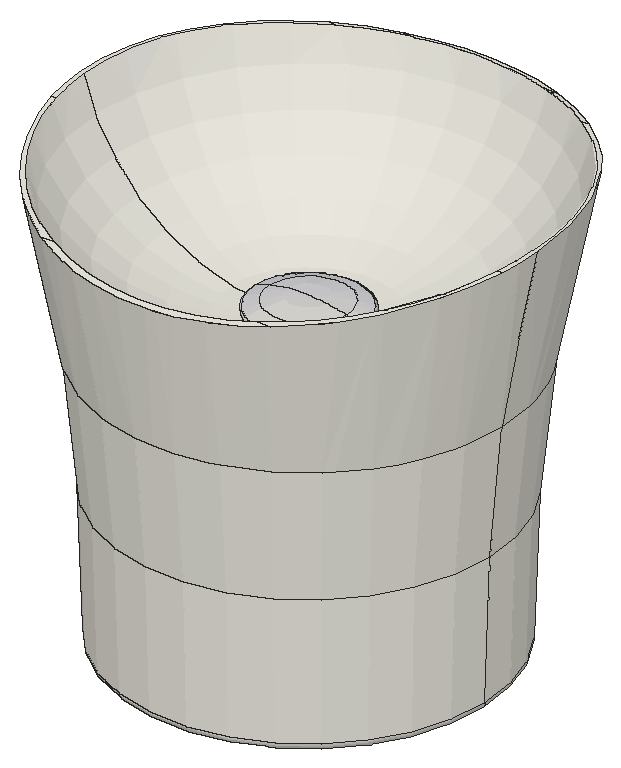
Revit family "Sink-Vessel-Lavatory-KOHLER-Veil_Tall-K-20703-1", category Plumbing Fixtures, host Face, Revit 2021
Family settings
  Host = Face
  Round Connector Dimension = Use Diameter
  Part Type = Normal
  OmniClass Number = 23.31.13.00
  OmniClass Title = Sinks
  Cut with Voids When Loaded = No
  Shared = No
  Room Calculation Point = No
Parameters (values of type "Without Overflow Drain, 96-Biscuit")
  Without Overflow Drain = or(Type = 5, Type = 6, Type = 7)  # yes
  With Overflow Drain = or(Type = 1, Type = 2, Type = 3)  # no
  Width = 15 63/64"  # constant formula
  WaterSense Certified = 1 = 0  # no
  Waste Water Outlet = "Waste Water Outlet"  # constant formula
  Waste Connection = 1 = 1  # yes
  Vent Connection = 1 = 0  # no
  URL = "https://www.us.kohler.com/us/"
  Type = 6
  Product Page URL = "http://www.us.kohler.com/us/catalog/productDetails.jsp?productNumber=20703-N"
  Product Name = "Veil Tall\r\n"  # constant formula
  Product Documentation Link = "https://www.us.kohler.com/webassets/kpna/catalog/pdf/en/K-20703-N_spec_US-CA_Kohler_en.pdf"
  Model = if(Type = 1, "K-20703-0", if(Type = 2, "K-20703-7", if(Type = 3, "K-20703-96", if(Type = 4, "K-20703-N-0", if(Type = 5, "K-20703-N-7", if(Type = 6, "K-20703-N-96", "NA"))))))  # "K-20703-N-96"
  Material = "Fireclay"  # constant formula
  Master Format 2014 Name = "Residential Lavatories and Sinks"  # constant formula
  Master Format 2014 = "22 41 16"  # constant formula
  Manufacturer Address = "444 Highland Dr, Kohler, WI 53044"  # constant formula
  Manufacturer = "Kohler Co."  # constant formula
  Length = 15 63/64"  # constant formula
  Hot Water Inlet = "Hot Water Inlet"  # constant formula
  Height = 15 1/16"  # constant formula
  HW Connection = 1 = 0  # no
  Finish = KOHLER-Fireclay-96-Biscuit
  Environmental Product Declaration = ""
  Drain Included = 1 = 0  # no
  Description = if(or(Type = 1, Type = 2, Type = 3), "16 Inch Round Vessel Bathroom Sink Or Pedestal Sink Basin", if(or(Type = 4, Type = 5, Type = 6), "Pedestal Bathroom Sink Without Overflow", "NA"))  # "Pedestal Bathroom Sink Without Overflow"
  Default Elevation = 36"
  Declare Label = ""
  Date Modified = "09/12/2024"  # constant formula
  Date Created = "10/13/2020"  # constant formula
  Copyright = "Copyright Kohler Co."  # constant formula
  Contact Us = "https://www.us.kohler.com/us/static/contact.jsp"
  Cold Water Inlet = "Cold Water Inlet"  # constant formula
  CW Connection = 1 = 0  # no
  Assembly Code = "D2010400"
  ADA Compliant = 1 = 0  # no
Types (7): name | Without Overflow Drain | With Overflow Drain | Type | Product Page URL | Product Documentation Link | Model | Finish | Description
  (no name) | yes | no | 6 | "http://www.us.kohler.com/us/catalog/productDetails.jsp?productNumber=20703-N" | "https://www.us.kohler.com/webassets/kpna/catalog/pdf/en/K-20703-N_spec_US-CA_Kohler_en.pdf" | "K-20703-N-96" | KOHLER-Fireclay-96-Biscuit | "Pedestal Bathroom Sink Without Overflow"
  With Overflow Drain, 0-White | no | yes | 1 | "http://www.us.kohler.com/us/catalog/productDetails.jsp?productNumber=20703" | "https://www.us.kohler.com/webassets/kpna/catalog/pdf/en/K-20703_spec_US-CA_Kohler_en.pdf" | "K-20703-0" | KOHLER-Fireclay-0-White | "16 Inch Round Vessel Bathroom Sink Or Pedestal Sink Basin"
  With Overflow Drain, 96-Biscuit | no | yes | 3 | "http://www.us.kohler.com/us/catalog/productDetails.jsp?productNumber=20703" | "https://www.us.kohler.com/webassets/kpna/catalog/pdf/en/K-20703_spec_US-CA_Kohler_en.pdf" | "K-20703-96" | KOHLER-Fireclay-96-Biscuit | "16 Inch Round Vessel Bathroom Sink Or Pedestal Sink Basin"
  With Overflow Drain, 7-Black Black | no | yes | 2 | "http://www.us.kohler.com/us/catalog/productDetails.jsp?productNumber=20703" | "https://www.us.kohler.com/webassets/kpna/catalog/pdf/en/K-20703_spec_US-CA_Kohler_en.pdf" | "K-20703-7" | KOHLER-Fireclay-7-Black_Black | "16 Inch Round Vessel Bathroom Sink Or Pedestal Sink Basin"
  Without Overflow Drain, 0-White | no | no | 4 | "http://www.us.kohler.com/us/catalog/productDetails.jsp?productNumber=20703-N" | "https://www.us.kohler.com/webassets/kpna/catalog/pdf/en/K-20703-N_spec_US-CA_Kohler_en.pdf" | "K-20703-N-0" | KOHLER-Fireclay-0-White | "Pedestal Bathroom Sink Without Overflow"
  Without Overflow Drain, 96-Biscuit | yes | no | 6 | "http://www.us.kohler.com/us/catalog/productDetails.jsp?productNumber=20703-N" | "https://www.us.kohler.com/webassets/kpna/catalog/pdf/en/K-20703-N_spec_US-CA_Kohler_en.pdf" | "K-20703-N-96" | KOHLER-Fireclay-96-Biscuit | "Pedestal Bathroom Sink Without Overflow"
  Without Overflow Drain, 7-Black Black | yes | no | 5 | "http://www.us.kohler.com/us/catalog/productDetails.jsp?productNumber=20703-N" | "https://www.us.kohler.com/webassets/kpna/catalog/pdf/en/K-20703-N_spec_US-CA_Kohler_en.pdf" | "K-20703-N-7" | KOHLER-Fireclay-7-Black_Black | "Pedestal Bathroom Sink Without Overflow"
Reference planes (in)
  plane 1 "Center (Front/Back)": y = 0
  plane 2: z = 0
  plane 3 "Center (Left/Right)": x = 0
  plane 4: x = 7.99213
  plane 5: y = -7.99213
  plane 6: x = -7.99225
  plane 7: y = 7.99225
  plane 8: z = 15.0625
  plane 9: y = -6.12205
  plane 10: y = 6.12205
  plane 11: x = -6.13659
  plane 12: x = 6.13659
Dimensions and locks (in)
  "Width": plane 6 to plane 4
  "Length": plane 5 to plane 7
  "Height": plane 8 to level
  plane 10 to plane 9 = 12.24409"
  aligned and locked: plane 2 to host face
  aligned and locked: level to host face
Automatic sketch dimensions
  host sketch curve to host sketch curve = 96"  (x2)
Nested families (in)
  nested 1: "K-20703" at (0, 0, 0), type "K-20703"
Connectors (in)
  piping at (0, 0, -0.00101), diameter 1.25984, driven by "Waste Connection", driven by "Waste Water Outlet"
    settings: on nested 1, index 1, connector inside diameter 24", connector length 0", flow factor 0, pipe flow 0 GPM, pressure drop 0.00 psi, fitting loss kfactor 0, connector angle 0.00°, fixture units 0, engagement length 0", angle of deflection 0.00°, flow configuration 0, flow direction 2, fitting loss method 0, system type 16, joint type 0, gender type 0, connector reference index -1, connector utility 1, adjustable connector no, is connector primary yes, connector description "Waste Water Outlet"
Definition of nested family "K-20703"
  Parameters (values of type "K-20703")
    Material = none
    Default Elevation = 0"
    -N = no
    - 0 = yes
  Reference planes (in)
    plane 1 "Center (Front/Back)": y = 0
    plane 2: z = 0
    plane 3 "Center (Left/Right)": x = 0
    plane 4: x = 7.99213
    plane 5: x = -7.99213
    plane 6: y = 7.99213
    plane 7: z = 15.0625
    plane 8: y = -6.12205
    plane 9: y = 6.12205
    plane 10: z = 11.71875
    plane 11: y = -7.99213
  Forms (in)
    Revolve 1, solid, material <- "Material", detail levels medium+fine
      sketch origin (0, 0, 0) x (1, 0, 0) y (0, 0, 1)
        loop
          line (0, 9.59381) -> (0, 10.01215) -> (-1.42984, 10.01215)
          arc (-1.42984, 10.01215) -> (-5.4983, 11.41062) -> (-7.84713, 15.01493) r 6.61726
          arc (-7.84713, 15.01493) -> (-7.92353, 15.06076) -> (-7.96958, 14.98448) r 0.06309
          arc (-7.96958, 14.98448) -> (-7.29432, 12.01174) -> (-6.72409, 9.01708) r 86.61718
          arc (-6.72409, 9.01708) -> (-6.43407, 6.92544) -> (-6.28176, 4.81928) r 32.20426
          arc (-6.28176, 4.81928) -> (-6.19763, 2.53075) -> (-6.12564, 0.2418) r 431.52253
          arc (-6.12564, 0.2418) -> (-6.04996, 0.06969) -> (-5.87575, -0.00101) r 0.25
          line (-5.87575, -0.00101) -> (-5.66166, -0.00101)
          arc (-5.66166, -0.00101) -> (-5.5905, 0.05084) -> (-5.56519, 0.13516) r 0.13795
          arc (-5.56519, 0.13516) -> (-5.6681, 2.65671) -> (-5.8095, 5.17641) r 165.26304
          arc (-5.8095, 5.17641) -> (-6.13956, 8.41196) -> (-6.71412, 11.61315) r 42.84248
          arc (-6.71412, 11.61315) -> (-4.38798, 10.11741) -> (-1.67247, 9.59381) r 7.30338
          line (-1.67247, 9.59381) -> (0, 9.59381)
        axis (0, 15.01493) -> (0, -0.00101)
      angle from 0 to 360
    Revolve 2, solid, detail levels medium+fine
      sketch origin (0, 0, 0) x (1, 0, 0) y (0, 0, 1)
        loop
          line (-0.53267, 10.27793) -> (-0.53267, 9.84825) -> (0, 9.84825) -> (0, 10.77793)
          arc (0, 10.77793) -> (-0.67225, 10.74113) -> (-1.33343, 10.61421) r 4.99243
          arc (-1.33343, 10.61421) -> (-1.58353, 10.53791) -> (-1.82693, 10.44235) r 3.35416
          arc (-1.82693, 10.44235) -> (-1.87535, 10.3402) -> (-1.781, 10.27793) r 0.08621
          line (-1.781, 10.27793) -> (-0.53267, 10.27793)
        axis (0, 10.77793) -> (0, 9.84825)
      angle from 0 to 360
    Extrusion 3, void
      sketch origin (0, 0, 0) x (0, 1, 0) y (0, 0, 1)
        loop
          arc (6.50944, 14.8125) -> (6.97727, 14.77326) -> (7.44502, 14.73303) r 219.61973
          arc (7.44502, 14.73303) -> (8.01501, 14.66553) -> (8.57973, 14.56287) r 9.26318
          line (8.57973, 14.56287) -> (8.57973, 18.00139) -> (-8.38761, 18.00139) -> (-8.38761, 13.75139)
          arc (-8.38761, 13.75139) -> (-7.51999, 13.93569) -> (-6.64938, 14.10531) r 52.51991
          arc (-6.64938, 14.10531) -> (-4.02115, 14.52575) -> (-1.375, 14.8125) r 52.51991
          arc (-1.375, 14.8125) -> (2.56722, 14.97541) -> (6.50944, 14.8125) r 47.77972
      from -9.33213 to 9.14217
    Revolve 4, solid, visible <- "- 0", detail levels medium+fine
      sketch origin (0, 0, 0) x (0, 1, 0) y (0, 0, 1)
        loop
          arc (5.63463, 11.94821) -> (5.448, 11.71164) -> (5.33644, 11.43173) r 1.04737
          arc (5.33644, 11.43173) -> (5.3449, 11.36175) -> (5.39695, 11.31423) r 0.10132
          line (5.39695, 11.31423) -> (5.65601, 11.57328) -> (5.76721, 11.46208) -> (5.94399, 11.63885) -> (5.63463, 11.94821)
        axis (5.63463, 11.94821) -> (5.94399, 11.63885)
      angle from 0 to 360
    Extrusion 5, solid, material <- "Material", detail levels medium+fine
      sketch origin (0, 0, 0) x (1, 0, 0) y (0, 1, 0)
        loop
          circle (0, 0) r 0.125
      from -0.00101 to 0.11278
    Revolve 6, solid, material <- "Material", detail levels coarse
      sketch origin (0, 0, 0) x (1, 0, 0) y (0, 0, 1)
        loop
          line (0.125, -0.00101) -> (0.125, 10.02051) -> (-1.53012, 10.02051)
          arc (-1.53012, 10.02051) -> (-2.86759, 10.16696) -> (-4.14167, 10.59937) r 6.18051
          arc (-4.14167, 10.59937) -> (-5.33069, 11.30716) -> (-6.3541, 12.23849) r 6.88298
          arc (-6.3541, 12.23849) -> (-7.2764, 13.5188) -> (-7.90424, 14.96644) r 7.35173
          line (-7.90424, 14.96644) -> (-8.07121, 14.96644)
          arc (-8.07121, 14.96644) -> (-7.50267, 12.64984) -> (-7.0336, 10.31106) r 55.83701
          arc (-7.0336, 10.31106) -> (-6.37373, 5.32178) -> (-6.16577, 0.29336) r 55.83701
          arc (-6.16577, 0.29336) -> (-6.08027, 0.08528) -> (-5.87251, -0.00101) r 0.29327
          line (-5.87251, -0.00101) -> (0.125, -0.00101)
        axis (0.125, 14.96644) -> (0.125, -0.00101)
      angle from 0 to 360
  Cuts and joins
    Extrusion 3 cuts Revolve 1
    joined: Revolve 1, Extrusion 5
  Lines and regions (in)
    Masking region 1
      outline origin (0, 0, 0) x (1, 0, 0) y (0, 1, 0)
        loop
          circle (0, 0) r 7.99213
    Masking region 2
      outline origin (0, 0, 0) x (1, 0, 0) y (0, 0, 1)
        loop
          line (0, 0) -> (5.87407, 0)
          arc (5.87407, 0) -> (6.05153, 0.0735) -> (6.12503, 0.25096) r 0.25096
          line (6.12503, 0.25096) -> (6.2548, 3.96693)
          arc (6.2548, 3.96693) -> (6.39082, 6.20765) -> (6.64189, 8.4384) r 43.6379
          arc (6.64189, 8.4384) -> (6.91865, 10.24599) -> (7.24636, 12.04503) r 64.72355
          arc (7.24636, 12.04503) -> (7.57007, 13.45376) -> (7.98199, 14.83927) r 22.90658
          arc (7.98199, 14.83927) -> (7.98376, 14.94993) -> (7.90596, 15.02865) r 0.14286
          arc (7.90596, 15.02865) -> (7.84964, 15.04636) -> (7.79108, 15.05385) r 0.33299
          arc (7.79108, 15.05385) -> (7.5651, 15.06036) -> (7.33903, 15.0625) r 11.71542
          arc (7.33903, 15.0625) -> (6.92765, 15.0542) -> (6.51694, 15.02943) r 10.27704
          arc (6.51694, 15.02943) -> (5.67368, 14.96973) -> (4.82942, 14.92615) r 44.23473
          arc (4.82942, 14.92615) -> (3.85072, 14.88311) -> (2.87219, 14.83631) r 254.5681
          arc (2.87219, 14.83631) -> (1.4365, 14.78808) -> (0, 14.78618) r 44.52874
          arc (0, 14.78618) -> (-1.4365, 14.78808) -> (-2.87219, 14.83631) r 44.52874
          arc (-2.87219, 14.83631) -> (-3.85072, 14.88311) -> (-4.82942, 14.92615) r 254.5681
          arc (-4.82942, 14.92615) -> (-5.67368, 14.96973) -> (-6.51694, 15.02943) r 44.23473
          arc (-6.51694, 15.02943) -> (-6.92765, 15.0542) -> (-7.33903, 15.0625) r 10.27704
          arc (-7.33903, 15.0625) -> (-7.5651, 15.06036) -> (-7.79108, 15.05385) r 11.71542
          arc (-7.79108, 15.05385) -> (-7.84964, 15.04636) -> (-7.90596, 15.02865) r 0.33299
          arc (-7.90596, 15.02865) -> (-7.98376, 14.94993) -> (-7.98199, 14.83927) r 0.14286
          arc (-7.98199, 14.83927) -> (-7.57007, 13.45376) -> (-7.24636, 12.04503) r 22.90658
          arc (-7.24636, 12.04503) -> (-6.91865, 10.24599) -> (-6.64189, 8.4384) r 64.72355
          arc (-6.64189, 8.4384) -> (-6.39082, 6.20765) -> (-6.2548, 3.96693) r 43.6379
          line (-6.2548, 3.96693) -> (-6.12503, 0.25096)
          arc (-6.12503, 0.25096) -> (-6.05153, 0.0735) -> (-5.87407, 0) r 0.25096
          line (-5.87407, 0) -> (0, 0)
    Masking region 3
      outline origin (0, 0, 0) x (0, 1, 0) y (0, 0, 1)
        loop
          line (0, 0) -> (5.87303, 0)
          arc (5.87303, 0) -> (6.04581, 0.06962) -> (6.12205, 0.23959) r 0.24921
          arc (6.12205, 0.23959) -> (6.13269, 0.71495) -> (6.13846, 1.1904) r 46.35317
          arc (6.13846, 1.1904) -> (6.16929, 2.60597) -> (6.2357, 4.02032) r 56.30887
          arc (6.2357, 4.02032) -> (6.58862, 7.8372) -> (7.19027, 11.62286) r 58.6117
          arc (7.19027, 11.62286) -> (7.5579, 13.35044) -> (7.99213, 15.0625) r 45.62482
          arc (7.99213, 15.0625) -> (-0.02098, 14.70328) -> (-7.99213, 13.80903) r 119.88489
          arc (-7.99213, 13.80903) -> (-7.3023, 11.3556) -> (-6.8088, 8.85528) r 32.17896
          arc (-6.8088, 8.85528) -> (-6.44346, 6.09276) -> (-6.20986, 3.316) r 58.60454
          arc (-6.20986, 3.316) -> (-6.16004, 2.25367) -> (-6.13846, 1.1904) r 40.01719
          arc (-6.13846, 1.1904) -> (-6.13269, 0.71495) -> (-6.12205, 0.23959) r 46.35317
          arc (-6.12205, 0.23959) -> (-6.04581, 0.06962) -> (-5.87303, 0) r 0.24921
          line (-5.87303, 0) -> (0, 0)
    symbolic lines, detail levels medium+fine
      curve 1: circle (0, 0, 0) r 7.81884 normal (0, 0, 1)
      curve 5: arc (0, 0, 13.95122) -> (0.58242, 0, 13.96492) -> (1.1649, 0, 13.97558) r 111.32849
      curve 6: arc (1.1649, 0, 13.97558) -> (2.23244, 0, 14.01575) -> (3.29719, 0, 14.10268) r 24.3628
      curve 7: arc (3.29719, 0, 14.10268) -> (4.19182, 0, 14.20233) -> (5.08485, 0, 14.31547) r 59.67979
      curve 8: arc (5.08485, 0, 14.31547) -> (6.24169, 0, 14.50843) -> (7.38395, 0, 14.77437) r 18.48544
      curve 9: arc (7.38395, 0, 14.77437) -> (7.60547, 0, 14.84338) -> (7.82049, 0, 14.93055) r 2.79232
      curve 10: arc (7.82049, 0, 14.93055) -> (7.87933, 0, 14.96727) -> (7.92664, 0, 15.01801) r 0.26505
      curve 11: arc (0, 0, 13.95122) -> (-0.58242, 0, 13.96492) -> (-1.1649, 0, 13.97558) r 111.32849
      curve 12: arc (-1.1649, 0, 13.97558) -> (-2.23244, 0, 14.01575) -> (-3.29719, 0, 14.10268) r 24.3628
      curve 13: arc (-3.29719, 0, 14.10268) -> (-4.19182, 0, 14.20233) -> (-5.08485, 0, 14.31547) r 59.67979
      curve 14: arc (-5.08485, 0, 14.31547) -> (-6.24169, 0, 14.50843) -> (-7.38395, 0, 14.77437) r 18.48544
      curve 15: arc (-7.38395, 0, 14.77437) -> (-7.60547, 0, 14.84338) -> (-7.82049, 0, 14.93055) r 2.79232
      curve 16: arc (-7.82049, 0, 14.93055) -> (-7.87933, 0, 14.96727) -> (-7.92664, 0, 15.01801) r 0.26505
      curve 17: arc (0, 0, 13.80734) -> (-0.58242, 0, 13.82105) -> (-1.1649, 0, 13.83171) r 111.32849
      curve 18: arc (-1.1649, 0, 13.83171) -> (-2.23244, 0, 13.87188) -> (-3.29719, 0, 13.95881) r 24.3628
      curve 19: arc (-3.29719, 0, 13.95881) -> (-3.71882, 0, 14.00073) -> (-4.1408, 0, 14.03904) r 49.48182
      curve 20: arc (-4.1408, 0, 14.03904) -> (-4.86788, 0, 14.11913) -> (-5.59042, 0, 14.23319) r 15.6068
      curve 21: arc (-5.59042, 0, 14.23319) -> (-5.83745, 0, 14.27697) -> (-6.08488, 0, 14.31847) r 27.19652
      curve 22: arc (-6.08488, 0, 14.31847) -> (-6.92261, 0, 14.48471) -> (-7.74695, 0, 14.70805) r 12.43794
      curve 23: arc (-7.74695, 0, 14.70805) -> (-7.83422, 0, 14.74026) -> (-7.91745, 0, 14.78181) r 0.85089
      curve 24: arc (-7.91745, 0, 14.78181) -> (-7.95274, 0, 14.80714) -> (-7.98199, 0, 14.83927) r 0.20746
      curve 25: arc (0, 0, 13.80734) -> (0.58242, 0, 13.82105) -> (1.1649, 0, 13.83171) r 111.32849
      curve 26: arc (1.1649, 0, 13.83171) -> (2.23244, 0, 13.87188) -> (3.29719, 0, 13.95881) r 24.3628
      curve 27: arc (3.29719, 0, 13.95881) -> (3.71882, 0, 14.00073) -> (4.1408, 0, 14.03904) r 49.48182
      curve 28: arc (4.1408, 0, 14.03904) -> (4.86788, 0, 14.11913) -> (5.59042, 0, 14.23319) r 15.6068
      curve 29: arc (5.59042, 0, 14.23319) -> (5.83745, 0, 14.27697) -> (6.08488, 0, 14.31847) r 27.19652
      curve 30: arc (6.08488, 0, 14.31847) -> (6.92261, 0, 14.48471) -> (7.74695, 0, 14.70805) r 12.43794
      curve 31: arc (7.74695, 0, 14.70805) -> (7.83422, 0, 14.74026) -> (7.91745, 0, 14.78181) r 0.85089
      curve 32: arc (7.91745, 0, 14.78181) -> (7.95274, 0, 14.80714) -> (7.98199, 0, 14.83927) r 0.20746
    symbolic lines
      curve 2: circle (0, 0, 0) r 1.88427 normal (0, 0, 1)
    symbolic lines, visible <- "- 0", detail levels medium+fine
      curve 3: spline (0, 6.26862, 0) -> (0.15953, 6.25377, 0) -> (0.30818, 6.21023, 0) -> (0.43583, 6.14097, 0) -> (0.53378, 6.0507, 0) -> (0.59536, 5.94559, 0) -> (0.61636, 5.83279, 0) -> (0.59536, 5.71998, 0) -> (0.53378, 5.61487, 0) -> (0.43583, 5.52461, 0) -> (0.30818, 5.45534, 0) -> (0.15953, 5.4118, 0) -> (0, 5.39695, 0)
      curve 4: spline (0, 5.39695, 0) -> (-0.15953, 5.4118, 0) -> (-0.30818, 5.45534, 0) -> (-0.43583, 5.52461, 0) -> (-0.53378, 5.61487, 0) -> (-0.59536, 5.71998, 0) -> (-0.61636, 5.83279, 0) -> (-0.59536, 5.94559, 0) -> (-0.53378, 6.0507, 0) -> (-0.43583, 6.14097, 0) -> (-0.30818, 6.21023, 0) -> (-0.15953, 6.25377, 0) -> (0, 6.26862, 0)
  Dimensions and locks (in)
    level to plane 10 to plane 7 = 11 23/32", 3 11/32"
    plane 3 "Center (Left/Right)" to plane 4 = 7.99213"
    aligned and locked: level to plane 2
